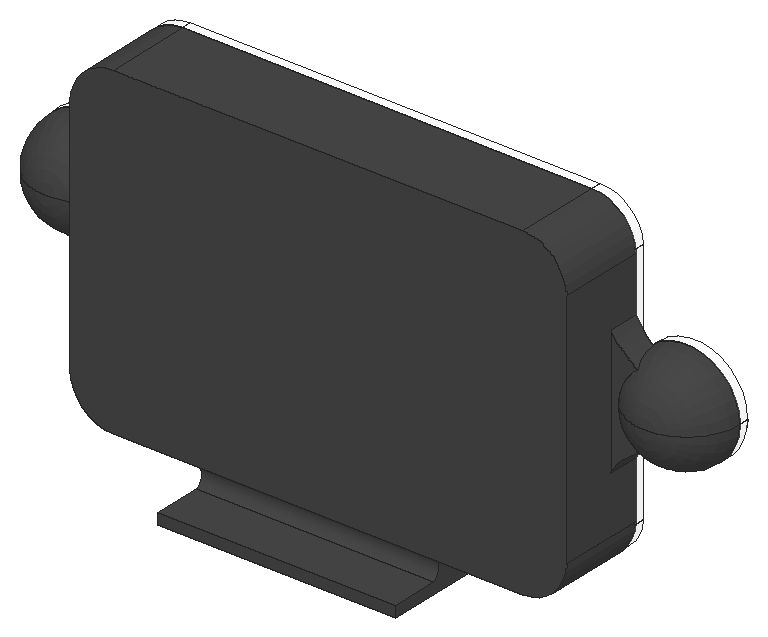
Revit family "CC", category Lighting Fixtures, host Face, Revit 2021
Family settings
  Host = Face
  Round Connector Dimension = Use Diameter
  Part Type = Normal
  OmniClass Number = 23.80.70.11.21
  OmniClass Title = Emergency Lighting
  Cut with Voids When Loaded = No
  Light Source = No
  Shared = No
  Room Calculation Point = No
Parameters (values of type "CCRB")
  zz Length 1 [instance] = if(Single Face, 0.200", 0.250")  # 0.200"
  Watts = 3.72 W
  Wattage Comments = "3.72 W"
  Warranty = "2 year full unit warranty"  # constant formula
  Wall Plate Material = Black
  Voltage [instance] = if(Is 120VAC, 120 V, 277 V)  # 120 V
  URL = "https://www.currentlighting.com/securitylighting"
  Type Comments = "Exit Light"  # constant formula
  Single Face = yes
  Product Page URL = ""
  Product Documentation Link = ""
  Model = "CCRB"
  Manufacturer = "Securitylighting"  # constant formula
  Load Classification = Lighting
  Lens = Red Glass
  Lamp = "LED Lamp"  # constant formula
  Is 277VAC [instance] = not(Is 120VAC)  # no
  Is 120VAC [instance] = yes
  Holder Material = Black
  Glass = light Glass
  Finish = Black
  Features = "• LED life-cycle exceeding 10 years\r\n• Red or Green field selectable exits in AC only or emergency\r\n• AC or Emergency models\r\n• Dual-voltage 120 or 277V AC input\r\n• Remote capacity or extended runtime option\r\n• Damp Location Listed 20°C to 30°C (68°F to 86°F)\r\n• Provided with test switch and AC-On indicator\r\n• Remote Capacity (RC) models have a minimum runtime of 120 minutes\r\nwhen no remotes are installed"  # constant formula
  Double Face = no
  Description = "The CC Series LED combination exit/emergency light utilizes energy efficient LEDs and features fully adjustable LED lamp-heads and bright EXIT panel illumination, long-life Nickel Cadmium battery and optional remote capacity."  # constant formula
  Default Elevation = 48.000"
  Certification = "• UL924 Listed for Damp Location\r\n• NFPA 101 and NFPA 70\r\n• OSHA\r\n• CEC T20 Compliant"  # constant formula
  Apparent Load = Watts  # 3.72 VA
Types (4): name | Model | Lens | Holder Material | Finish
  CCR | "CCR" | Red Glass | Steel | White
  CCRB | "CCRB" | Red Glass | Black | Black
  CCG | "CCG" | Green Glass | Steel | White
  CCGB | "CCGB" | Green Glass | Black | Black
Reference planes (in)
  plane 1 "Center (Front/Back)": y = 0
  plane 2: z = 0
  plane 3 "Center (Left/Right)": x = 0
  plane 4: x = -5.75
  plane 5: x = 5.75
  plane 6: x = 2.75
  plane 7: x = -2.75
  plane 8: z = 8.2
  plane 9: y = -1.25
  plane 10: y = 1.25
  plane 11: y = -2.2
  plane 12: y = 2.2
Forms (in)
  Extrusion 1, solid, material "Black" <- "Wall Plate Material"
    sketch origin (0, 0, 0) x (0, -1, 0) y (0, 0, 1)
      loop
        line (2.20258, 0) -> (2.20258, 0.24288) -> (1.0795, 0.24288)
        arc (1.0795, 0.24288) -> (0.94157, 0.42301) -> (0.97906, 0.64676) r 0.28476
        line (0.97906, 0.64676) -> (-0.97906, 0.64676)
        arc (-0.97906, 0.64676) -> (-0.94157, 0.42301) -> (-1.0795, 0.24288) r 0.28476
        line (-1.0795, 0.24288) -> (-2.20258, 0.24288) -> (-2.20258, 0) -> (2.20258, 0)
    from -2.75 to 2.75
  Extrusion 2, solid, material "Black" <- "Finish"
    sketch origin (0, 0, 0) x (-1, 0, 0) y (0, 0, 1)
      loop
        arc (-4.75, 8.2) -> (-5.45711, 7.90711) -> (-5.75, 7.2) r 1
        line (-5.75, 7.2) -> (-5.75, 1.64676)
        arc (-5.75, 1.64676) -> (-5.45711, 0.93965) -> (-4.75, 0.64676) r 1
        line (-4.75, 0.64676) -> (4.75, 0.64676)
        arc (4.75, 0.64676) -> (5.45711, 0.93965) -> (5.75, 1.64676) r 1
        line (5.75, 1.64676) -> (5.75, 7.2)
        arc (5.75, 7.2) -> (5.45711, 7.90711) -> (4.75, 8.2) r 1
        line (4.75, 8.2) -> (-4.75, 8.2)
    from -1 to 1
  Extrusion 3, solid, material "Red Glass" <- "Lens", visible <- "Single Face"
    sketch origin (0, 0, 1.25) x (-1, 0, 0) y (0, 0, 1)
      loop
        line (-4.38814, 3.88778) -> (-5.2073, 3.3142) -> (-4.38814, 2.74063) -> (-4.24475, 2.94542) -> (-4.77143, 3.3142) -> (-4.24475, 3.68299) -> (-4.38814, 3.88778)
      loop
        line (4.88814, 3.88778) -> (4.74475, 3.68299) -> (5.27143, 3.3142) -> (4.74475, 2.94542) -> (4.88814, 2.74063) -> (5.7073, 3.3142) -> (4.88814, 3.88778)
      loop
        line (2.43416, 6.45678) -> (2.43416, 5.97564) -> (3.5716, 5.97564) -> (3.5716, 3.97225) -> (2.43416, 3.97225) -> (2.43416, 3.36683) -> (3.55274, 3.3823) -> (3.55274, 1.3823) -> (2.30274, 1.3823) -> (2.30274, 0.8823) -> (4.05274, 0.8823) -> (4.05274, 6.45678) -> (2.43416, 6.45678)
      loop
        line (1.58093, 6.45573) -> (0.95036, 6.45573) -> (0.67318, 5.69418) -> (0.396, 6.45573) -> (-0.23457, 6.45573) -> (0.40867, 3.66954) -> (-0.23457, 0.88335) -> (0.396, 0.88335) -> (0.67318, 1.64489) -> (0.95036, 0.88335) -> (1.53078, 0.88335) -> (0.91261, 3.56092) -> (1.58093, 6.45573)
      loop
        line (-1.71319, 6.47228) -> (-1.71319, 0.88335) -> (-1.04357, 0.88335) -> (-1.04357, 6.47228) -> (-1.71319, 6.47228)
      loop
        line (-2.38057, 0.88335) -> (-2.38057, 1.61488) -> (-3.06538, 1.61488) -> (-3.06538, 6.47228) -> (-3.735, 6.47228) -> (-3.735, 1.61488) -> (-4.39234, 1.61488) -> (-4.39234, 0.88335) -> (-2.38057, 0.88335)
    from 1 to 1.25
  Extrusion 4, solid, material "light Glass" <- "Glass", visible <- "Single Face"
    sketch origin (0, 0, 0) x (-1, 0, 0) y (0, 0, 1)
      loop
        arc (-4.75, 8.2) -> (-5.42638, 7.93656) -> (-5.74638, 7.28503) r 1
        line (-5.74638, 7.28503) -> (-5.74638, 1.56173)
        arc (-5.74638, 1.56173) -> (-5.42638, 0.9102) -> (-4.75, 0.64676) r 1
        line (-4.75, 0.64676) -> (4.75, 0.64676)
        arc (4.75, 0.64676) -> (5.42638, 0.9102) -> (5.74638, 1.56173) r 1
        line (5.74638, 1.56173) -> (5.74638, 7.28503)
        arc (5.74638, 7.28503) -> (5.42638, 7.93656) -> (4.75, 8.2) r 1
        line (4.75, 8.2) -> (-4.75, 8.2)
    from 1 to 1.25
  Extrusion 5, solid, material "Red Glass" <- "Lens", visible <- "Double Face"
    sketch origin (0, 0, 8.60458) x (1, 0, 0) y (0, 0, 1)
      loop
        line (-4.45064, -4.57528) -> (-4.30725, -4.37049) -> (-4.83393, -4.0017) -> (-4.30725, -3.63292) -> (-4.45064, -3.42813) -> (-5.2698, -4.0017) -> (-4.45064, -4.57528)
      loop
        line (4.82564, -4.57528) -> (5.6448, -4.0017) -> (4.82564, -3.42813) -> (4.68225, -3.63292) -> (5.20893, -4.0017) -> (4.68225, -4.37049) -> (4.82564, -4.57528)
      loop
        line (2.43416, -6.64428) -> (4.05274, -6.64428) -> (4.05274, -1.0698) -> (2.30274, -1.0698) -> (2.30274, -1.5698) -> (3.55274, -1.5698) -> (3.55274, -3.5698) -> (2.43416, -3.55433) -> (2.43416, -4.15975) -> (3.5716, -4.15975) -> (3.5716, -6.16314) -> (2.43416, -6.16314) -> (2.43416, -6.64428)
      loop
        line (1.58093, -6.64323) -> (0.91261, -3.74842) -> (1.53078, -1.07085) -> (0.95036, -1.07085) -> (0.67318, -1.83239) -> (0.396, -1.07085) -> (-0.23457, -1.07085) -> (0.40867, -3.85704) -> (-0.23457, -6.64323) -> (0.396, -6.64323) -> (0.67318, -5.88168) -> (0.95036, -6.64323) -> (1.58093, -6.64323)
      loop
        line (-1.71319, -6.65978) -> (-1.04357, -6.65978) -> (-1.04357, -1.17085) -> (-1.71319, -1.17085) -> (-1.71319, -6.65978)
      loop
        line (-4.39234, -6.65978) -> (-2.38057, -6.65978) -> (-2.38057, -5.92825) -> (-3.10041, -5.92825) -> (-3.10041, -1.17085) -> (-3.77003, -1.17085) -> (-3.77003, -5.92825) -> (-4.39234, -5.92825) -> (-4.39234, -6.65978)
    from 1 to 1.25
  Extrusion 6, solid, material "light Glass" <- "Glass", visible <- "Double Face"
    sketch origin (0, 0, 0) x (-1, 0, 0) y (0, 0, -1)
      loop
        line (-4.75, -8.2) -> (4.75, -8.2)
        arc (4.75, -8.2) -> (5.42638, -7.93656) -> (5.74638, -7.28503) r 1
        line (5.74638, -7.28503) -> (5.74638, -1.56173)
        arc (5.74638, -1.56173) -> (5.42638, -0.9102) -> (4.75, -0.64676) r 1
        line (4.75, -0.64676) -> (-4.75, -0.64676)
        arc (-4.75, -0.64676) -> (-5.42638, -0.9102) -> (-5.74638, -1.56173) r 1
        line (-5.74638, -1.56173) -> (-5.74638, -7.28503)
        arc (-5.74638, -7.28503) -> (-5.42638, -7.93656) -> (-4.75, -8.2) r 1
    from 1 to 1.25
  Extrusion 7, solid, material "light Glass" <- "Glass"
    sketch origin (0, 0, 0) x (-1, 0, 0) y (0, 0, 1)
      loop
        circle (6.9375, 4.5) r 1.2302
      loop
        circle (-6.9375, 4.5) r 1.2302
    from 1 to 1.25
  Revolve 8, solid, material "Black" <- "Holder Material"
    sketch origin (0, 0, 4.5) x (1, 0, 0) y (0, 1, 0)
      loop
        line (-5.7073, 1) -> (-6.9375, 1) -> (-6.9375, -0.2302)
        arc (-6.9375, -0.2302) -> (-6.06761, 0.13011) -> (-5.7073, 1) r 1.2302
      axis (-6.9375, 1) -> (-6.9375, -0.2302)
    angle from 0 to 360
  Extrusion 9, solid, material "Black" <- "Holder Material"
    sketch origin (0, 0, 0) x (-1, 0, 0) y (0, 0, 1)
      loop
        arc (-6.37555, 5.31727) -> (-6.05139, 4.95699) -> (-5.93421, 4.48673) r 1.00214
        arc (-5.93421, 4.48673) -> (-6.04477, 3.98007) -> (-6.39356, 3.5963) r 1.00323
        arc (-6.39356, 3.5963) -> (-6.01929, 3.33465) -> (-5.75054, 2.96544) r 1.38394
        line (-5.75054, 2.96544) -> (-5.75054, 5.94066)
        arc (-5.75054, 5.94066) -> (-6.01209, 5.57787) -> (-6.37555, 5.31727) r 1.38592
      loop
        arc (6.37555, 5.31727) -> (6.01209, 5.57787) -> (5.75054, 5.94066) r 1.38592
        line (5.75054, 5.94066) -> (5.75054, 2.96544)
        arc (5.75054, 2.96544) -> (6.01929, 3.33465) -> (6.39356, 3.5963) r 1.38394
        arc (6.39356, 3.5963) -> (6.04477, 3.98007) -> (5.93421, 4.48673) r 1.00323
        arc (5.93421, 4.48673) -> (6.05139, 4.95699) -> (6.37555, 5.31727) r 1.00214
    from 0.29948 to 1
  Revolve 10, solid, material "Black" <- "Holder Material"
    sketch origin (0, 0, 4.5) x (-1, 0, 0) y (0, -1, 0)
      loop
        arc (-5.7073, -1) -> (-6.06761, -0.13011) -> (-6.9375, 0.2302) r 1.2302
        line (-6.9375, 0.2302) -> (-6.9375, -1) -> (-5.7073, -1)
      axis (-6.9375, -1) -> (-6.9375, 0.2302)
    angle from 0 to 360
Dimensions and locks (in)
  plane 4 to plane 3 "Center (Left/Right)" = 5.750"
  equal spacing: plane 4, plane 3 "Center (Left/Right)", plane 5
  equal spacing: plane 7, plane 3 "Center (Left/Right)", plane 6
  plane 3 "Center (Left/Right)" to plane 6 = 2.750"
  plane 6 to plane 7 = 5.500"
  plane 5 to plane 4 = 11.500"
  plane 8 to plane 2 = 8.200"
  aligned and locked: plane 2 to host face
  aligned and locked: level to host face
  aligned and locked: Extrusion 1 to plane 6
  aligned and locked: plane 7 to Extrusion 1
Automatic sketch dimensions
  host sketch curve to host sketch curve = 96.000"  (x2)
  Extrusion 1 sketch curve to level = 0.000"
  Extrusion 1 sketch curve to plane 12 = 0.00258"
  plane 10 to Extrusion 1 sketch curve = 0.03208"
  plane 10 to Extrusion 1 sketch curve = 0.1705"
  plane 10 to Extrusion 1 sketch curve = 0.27094"
  Extrusion 1 sketch curve to plane 9 = 0.27094"
  Extrusion 1 sketch curve to plane 9 = 0.1705"
  Extrusion 1 sketch curve to plane 9 = 0.03208"
  plane 11 to Extrusion 1 sketch curve = 0.00258"
  Extrusion 1 sketch curve to Extrusion 1 sketch curve = 0.24288"
  level to Extrusion 1 sketch curve = 0.24288"
  Extrusion 1 sketch curve to Extrusion 1 sketch curve = 0.24885"
  Extrusion 2 sketch curve to plane 5 = 0.000"
  Extrusion 2 sketch curve to plane 8 = 0.000"
  Extrusion 2 sketch curve to plane 4 = 0.000"
  level to Extrusion 2 sketch curve = 0.64676"
  Extrusion 2 sketch curve to plane 5 = 1.000"  (x2)
  plane 4 to Extrusion 2 sketch curve = 1.000"  (x2)
  Extrusion 3 sketch curve to plane 5 = 0.5427"
  Extrusion 3 sketch curve to Extrusion 3 sketch curve = 0.43586"
  Extrusion 3 sketch curve to plane 5 = 1.35766"
  Extrusion 3 sketch curve to Extrusion 3 sketch curve = 0.38329"  (x2)
  Extrusion 3 sketch curve to Extrusion 3 sketch curve = 0.14339"  (x4)
  Extrusion 3 sketch curve to plane 8 = 0.47772"  (x2)
  plane 6 to Extrusion 3 sketch curve = 0.985"
  plane 6 to Extrusion 3 sketch curve = 0.31538"
  Extrusion 3 sketch curve to plane 6 = 0.36943"
  Extrusion 3 sketch curve to Extrusion 3 sketch curve = 0.66738"
  Extrusion 3 sketch curve to Extrusion 3 sketch curve = 0.66962"
  plane 3 "Center (Left/Right)" to Extrusion 3 sketch curve = 0.23457"  (x2)
  Extrusion 3 sketch curve to plane 3 "Center (Left/Right)" = 0.396"  (x2)
  Extrusion 3 sketch curve to plane 3 "Center (Left/Right)" = 0.40867"
  Extrusion 3 sketch curve to plane 3 "Center (Left/Right)" = 0.67318"  (x2)
  Extrusion 3 sketch curve to Extrusion 3 sketch curve = 0.50394"
  Extrusion 3 sketch curve to Extrusion 3 sketch curve = 0.55436"  (x2)
  Extrusion 3 sketch curve to Extrusion 3 sketch curve = 0.58042"
  Extrusion 3 sketch curve to Extrusion 3 sketch curve = 0.63057"
  plane 7 to Extrusion 3 sketch curve = 0.44726"
  plane 7 to Extrusion 3 sketch curve = 0.31584"  (x2)
  Extrusion 3 sketch curve to plane 7 = 0.80274"
  Extrusion 3 sketch curve to Extrusion 3 sketch curve = 0.01886"
  Extrusion 3 sketch curve to Extrusion 3 sketch curve = 0.48114"  (x2)
  plane 4 to Extrusion 3 sketch curve = 1.00525"
  Extrusion 3 sketch curve to Extrusion 3 sketch curve = 0.000"  (x3)
  plane 4 to Extrusion 3 sketch curve = 0.47857"
  plane 4 to Extrusion 3 sketch curve = 0.0427"
  Extrusion 3 sketch curve to plane 8 = 0.49322"
  Extrusion 3 sketch curve to plane 8 = 0.49427"  (x2)
  Extrusion 3 sketch curve to Extrusion 3 sketch curve = 0.76154"
  Extrusion 3 sketch curve to Extrusion 3 sketch curve = 2.00339"
  Extrusion 3 sketch curve to Extrusion 3 sketch curve = 0.08447"
  Extrusion 3 sketch curve to Extrusion 3 sketch curve = 2.5845"
  Extrusion 3 sketch curve to Extrusion 3 sketch curve = 0.20479"  (x2)
  Extrusion 3 sketch curve to Extrusion 3 sketch curve = 2.02465"
  Extrusion 3 sketch curve to Extrusion 3 sketch curve = 0.10862"
  Extrusion 3 sketch curve to Extrusion 3 sketch curve = 0.58995"
  Extrusion 3 sketch curve to Extrusion 3 sketch curve = 0.60542"
  Extrusion 3 sketch curve to Extrusion 3 sketch curve = 1.91603"
  Extrusion 3 sketch curve to Extrusion 3 sketch curve = 1.12575"
  Extrusion 3 sketch curve to Extrusion 3 sketch curve = 0.2626"
  Extrusion 3 sketch curve to Extrusion 3 sketch curve = 0.73153"  (x2)
  Extrusion 3 sketch curve to Extrusion 3 sketch curve = 0.49894"
  Extrusion 3 sketch curve to Extrusion 3 sketch curve = 0.500"
  Extrusion 4 sketch curve to plane 8 = 0.000"
  Extrusion 4 sketch curve to plane 5 = 0.00362"
  Extrusion 4 sketch curve to plane 5 = 1.000"  (x2)
  level to Extrusion 4 sketch curve = 0.64676"
  plane 4 to Extrusion 4 sketch curve = 1.000"  (x2)
  plane 4 to Extrusion 4 sketch curve = 0.00362"
  Extrusion 4 sketch curve to Extrusion 4 sketch curve = 0.91497"  (x2)
  Extrusion 4 sketch curve to Extrusion 4 sketch curve = 1.000"  (x2)
  plane 4 to Extrusion 5 sketch curve = 0.4802"
  Extrusion 5 sketch curve to Extrusion 5 sketch curve = 0.43586"
  Extrusion 5 sketch curve to Extrusion 5 sketch curve = 0.38329"  (x2)
  plane 4 to Extrusion 5 sketch curve = 1.35766"
  Extrusion 5 sketch curve to Extrusion 5 sketch curve = 0.14339"  (x4)
  Extrusion 5 sketch curve to plane 7 = 1.02003"
  Extrusion 5 sketch curve to plane 7 = 0.35041"
  plane 7 to Extrusion 5 sketch curve = 0.36943"
  Extrusion 5 sketch curve to Extrusion 5 sketch curve = 0.66738"
  Extrusion 5 sketch curve to Extrusion 5 sketch curve = 0.66962"
  Extrusion 5 sketch curve to plane 3 "Center (Left/Right)" = 0.23457"  (x2)
  plane 3 "Center (Left/Right)" to Extrusion 5 sketch curve = 0.396"  (x2)
  plane 3 "Center (Left/Right)" to Extrusion 5 sketch curve = 0.40867"
  plane 3 "Center (Left/Right)" to Extrusion 5 sketch curve = 0.67318"  (x2)
  Extrusion 5 sketch curve to Extrusion 5 sketch curve = 0.50394"
  Extrusion 5 sketch curve to Extrusion 5 sketch curve = 0.55436"  (x2)
  Extrusion 5 sketch curve to Extrusion 5 sketch curve = 0.58042"
  Extrusion 5 sketch curve to Extrusion 5 sketch curve = 0.63057"
  Extrusion 5 sketch curve to plane 6 = 0.44726"
  Extrusion 5 sketch curve to plane 6 = 0.31584"  (x2)
  plane 6 to Extrusion 5 sketch curve = 0.80274"
  Extrusion 5 sketch curve to Extrusion 5 sketch curve = 0.01886"
  Extrusion 5 sketch curve to Extrusion 5 sketch curve = 0.48114"  (x2)
  Extrusion 5 sketch curve to plane 5 = 1.06775"
  Extrusion 5 sketch curve to Extrusion 5 sketch curve = 0.000"  (x3)
  Extrusion 5 sketch curve to plane 5 = 0.54107"
  Extrusion 5 sketch curve to plane 5 = 0.1052"
  level to Extrusion 5 sketch curve = 1.9448"
  level to Extrusion 5 sketch curve = 1.9603"
  Extrusion 5 sketch curve to Extrusion 5 sketch curve = 0.01655"
  Extrusion 5 sketch curve to Extrusion 5 sketch curve = 0.00106"
  Extrusion 5 sketch curve to Extrusion 5 sketch curve = 0.73153"
  Extrusion 5 sketch curve to Extrusion 5 sketch curve = 0.76154"
  Extrusion 5 sketch curve to Extrusion 5 sketch curve = 1.58786"
  Extrusion 5 sketch curve to Extrusion 5 sketch curve = 1.35297"
  Extrusion 5 sketch curve to Extrusion 5 sketch curve = 0.20479"  (x2)
  Extrusion 5 sketch curve to Extrusion 5 sketch curve = 0.21074"
  Extrusion 5 sketch curve to Extrusion 5 sketch curve = 2.02465"
  Extrusion 5 sketch curve to Extrusion 5 sketch curve = 0.10862"
  Extrusion 5 sketch curve to Extrusion 5 sketch curve = 0.58995"
  Extrusion 5 sketch curve to Extrusion 5 sketch curve = 0.60542"
  Extrusion 5 sketch curve to plane 8 = 1.42782"
  Extrusion 5 sketch curve to plane 8 = 1.16522"
  Extrusion 5 sketch curve to plane 8 = 0.76628"  (x2)
  Extrusion 5 sketch curve to plane 8 = 0.66628"  (x2)
  Extrusion 5 sketch curve to plane 8 = 0.66522"
  Extrusion 6 sketch curve to plane 8 = 0.000"
  Extrusion 6 sketch curve to plane 5 = 0.00362"
  Extrusion 6 sketch curve to plane 5 = 1.000"  (x2)
  level to Extrusion 6 sketch curve = 0.64676"
  plane 4 to Extrusion 6 sketch curve = 1.000"  (x2)
  plane 4 to Extrusion 6 sketch curve = 0.00362"
  Extrusion 6 sketch curve to plane 8 = 0.91497"  (x2)
  Extrusion 6 sketch curve to Extrusion 6 sketch curve = 1.000"  (x2)
  Extrusion 7 sketch curve to Extrusion 7 sketch curve = 0.000"  (x4)
  plane 5 to Extrusion 7 sketch curve = 1.1875"
  Extrusion 7 sketch curve to plane 4 = 1.1875"
  Extrusion 7 sketch curve to plane 8 = 3.700"  (x2)
  Extrusion 7 sketch curve to Extrusion 7 sketch curve = 1.2302"
  plane 4 to Extrusion 7 sketch curve = 0.0427"
  plane 10 to Revolve 8 sketch curve = 0.000"
  plane 10 to Revolve 8 sketch curve = 0.250"
  Revolve 8 sketch curve to plane 4 = 1.1875"  (x2)
  Revolve 8 sketch curve to Revolve 8 sketch curve = 0.000"
  plane 4 to Revolve 8 sketch curve = 0.0427"
  plane 9 to Revolve 8 sketch curve = 0.250"
  plane 5 to Extrusion 9 sketch curve = 1.24081"
  plane 5 to Extrusion 9 sketch curve = 1.23849"
  plane 5 to Extrusion 9 sketch curve = 1.18634"
  Extrusion 9 sketch curve to Extrusion 9 sketch curve = 0.000"  (x2)
  plane 5 to Extrusion 9 sketch curve = 0.00054"
  Extrusion 9 sketch curve to plane 4 = 0.00054"
  Extrusion 9 sketch curve to plane 4 = 1.18634"
  Extrusion 9 sketch curve to plane 4 = 1.23849"
  Extrusion 9 sketch curve to plane 4 = 1.24081"
  level to Extrusion 9 sketch curve = 2.34677"  (x2)
  Extrusion 9 sketch curve to Extrusion 9 sketch curve = 0.61868"  (x2)
  Extrusion 9 sketch curve to Extrusion 9 sketch curve = 1.47457"  (x2)
  Extrusion 9 sketch curve to Extrusion 9 sketch curve = 0.04672"  (x2)
  Extrusion 9 sketch curve to Extrusion 9 sketch curve = 1.45393"  (x2)
  Extrusion 9 sketch curve to Extrusion 9 sketch curve = 0.61847"  (x2)
  plane 5 to Extrusion 9 sketch curve = 0.64356"
  Extrusion 9 sketch curve to plane 4 = 0.18421"
  plane 10 to Revolve 10 sketch curve = 0.000"
  plane 10 to Revolve 10 sketch curve = 0.250"
  plane 5 to Revolve 10 sketch curve = 1.1875"  (x2)
  Revolve 10 sketch curve to Revolve 10 sketch curve = 0.000"
  Revolve 10 sketch curve to plane 5 = 0.0427"
  plane 9 to Revolve 10 sketch curve = 0.250"
Nested families (in)
  nested 1: "Family1" at (6.89611, 1.20258, -49.25), type "Family1"
  nested 2: "Family1" at (-7.66516, 1.20258, -49.25), type "Family1"
Connectors (in)
  electrical at (0, 0, 0), driven by "Voltage", driven by "Apparent Load"
    settings: on Extrusion 1, index 1, voltage 120 V, apparent load 3.72 VA, apparent load phase1 0 VA, apparent load phase2 0 VA, apparent load phase3 0 VA, power factor 1, load classification "Other", number of poles 1, system type 30, power factor state 1, is connector primary yes, connector utility no, sub classification motor no, connector description "Lighting Connector"
Definition of nested family "Family1"
  Parameters
    Wattage = 12.1178 W
    built-in parameter 1150110 = 1 (stored number, unit not read)
    built-in parameter 1114217 = 1 (stored number, unit not read)
    Tilt Angle = 0.00°
    built-in parameter 1150109 = 1 (stored number, unit not read)
    built-in parameter 1150134 = (empty or 0)
    built-in parameter 1150113 = 1 (stored number, unit not read)
    Photometric Web File = "compass_led.ies"
    Lumens = 1800 lm
    built-in parameter 1150115 = 1 (stored number, unit not read)
    built-in parameter 1150105 = -190950 (stored number, unit not read)
    built-in parameter 1150137 = (empty or 0)
    built-in parameter 1150139 = (empty or 0)
    built-in parameter 1150112 = 1 (stored number, unit not read)
    built-in parameter 1150114 = 1 (stored number, unit not read)
    built-in parameter 1150132 = 2
    built-in parameter 1150102 = (empty or 0)
    built-in parameter 1150138 = (empty or 0)
    built-in parameter 1150107 = 3000 (stored number, unit not read)
    built-in parameter 1150106 = -1909.5 (stored number, unit not read)
    built-in parameter 1150104 = 13.8 (stored number, unit not read)
    Dimming Lamp Color Temperature Shift = (empty or 0)
    Default Elevation = 0.000"
    Color Filter = 16777215
    built-in parameter 1114218 = 1 (stored number, unit not read)
    built-in parameter 1150133 = 10 (stored number, unit not read)
  Reference planes (in)
    plane 1 "Light Source Axis (F/B)": y = 0
    plane 2: z = 0
    plane 3 "Light Source Axis (L/R)": x = 0
    plane 4 "Light Source Elevation": z = 54
  Dimensions and locks (in)
    aligned and locked: plane 3 "Light Source Axis (L/R)" to imposter light
    aligned and locked: plane 1 "Light Source Axis (F/B)" to imposter light
    aligned and locked: plane 4 "Light Source Elevation" to imposter light
    aligned and locked: level to plane 2
